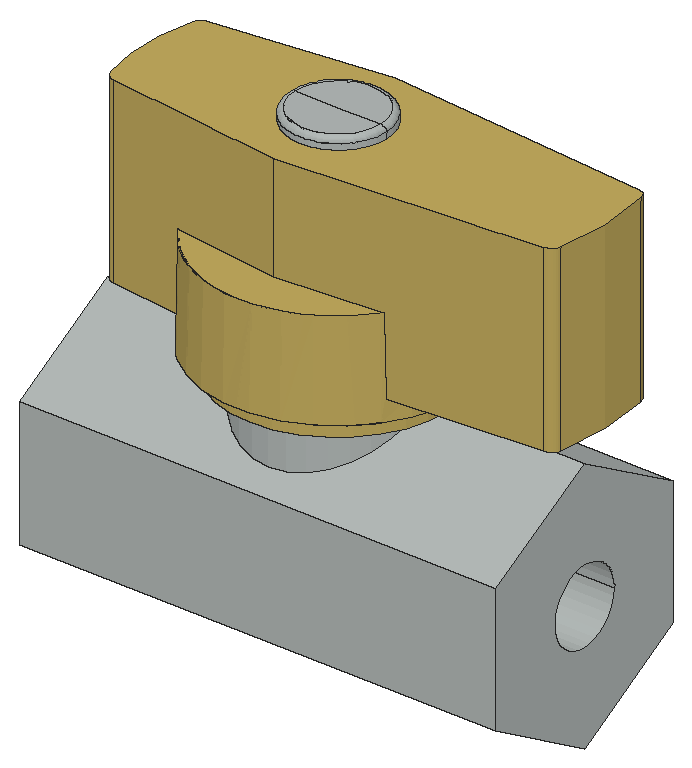
Revit family "QP00020000", category Apparecchi idraulici, Revit 2020
Family settings
  Quota connettore circolare = Usa diametro
  Tipo di parte = Normale
  Numero OmniClass = 23.45.00.00
  Titolo OmniClass = Sanitary, Laundry, and Cleaning Equipment
  Basato su piano di lavoro = No
  Sempre verticale = Sì
  Taglio con vuoti quando caricato = No
  Condiviso = No
  Punto di calcolo locali = No
Parameters
  URL = "https://web.cimberio.com/index.php/figura/837?subcategoria_id=95875"
  Temperatura di esercizio = "-20 ÷ 60°C"
  Prospetto di default = 0 mm
  Produttore = "CIMBERIO SPA"
  Pressione nominale = "MOP 5"
  Modello = "Cim 011G"
  Materiale = "Prodotto in lega di ottone conforme alla norma EN 12165-CW617N-DW"
  Descrizione = "Utilizzato nell’impiantistica distributiva di gas a bassa pressione per le categorie:\r\nGas naturali: gas derivati dal petrolio (Metano) e gas di ricambio.\r\nGas di città: prodotti secondo i diversi procedimenti (Cracking - Cokerie - ecc.).\r\nGas liquidi: propano e miscele di gas propano/butano"
  DN Model [instance] = QP00021008 : QP00021008
  DN [instance] = 7 mm
  Commenti sul tipo = "Realizzato in ottemperanza ai requisiti gestionali della norma EN ISO 9001.\r\nCollaudato al 100% secondo la normativa EN 12266-1"
Reference planes
  plane 1 "Centro (Fronte/Retro)": y = 0
  plane 2: z = 0
  plane 3 "Centro (Sinistra/Destra)": x = 0
Dimensions and locks
  aligned and locked: level to plane 2
Nested families
  nested 1: "QP00021008" at (0, 0, 0), type <- "DN Model", type "QP00021008"
  nested 2: "QP00021008" at (0, 0, 0), type <- "DN Model", type "QP00021008"
  nested 3: "QP00021008" at (0, 0, 0), type <- "DN Model", type "QP00021008"
Connectors
  piping at (22.246, 0, 0), diameter 7, driven by "DN"
    settings: on nested 1, index 1, connector inside diameter 609.6 mm, connector length 0 mm, flow factor 0, pipe flow 0.0 L/s, pressure drop 0.0 Pa, fitting loss kfactor 0, connector angle 0.00°, fixture units 0, engagement length 0 mm, angle of deflection 0.00°, flow configuration 0, flow direction 0, fitting loss method 0, system type 7, joint type 0, gender type 0, connector reference index -1, connector utility 0, adjustable connector no, is connector primary yes, connector description ""
  piping at (-22.254, 0, 0), diameter 7, driven by "DN"
    settings: on nested 1, index 2, connector inside diameter 609.6 mm, connector length 0 mm, flow factor 0, pipe flow 0.0 L/s, pressure drop 0.0 Pa, fitting loss kfactor 0, connector angle 0.00°, fixture units 0, engagement length 0 mm, angle of deflection 0.00°, flow configuration 0, flow direction 0, fitting loss method 0, system type 7, joint type 0, gender type 0, connector reference index -1, connector utility 0, adjustable connector no, is connector primary no, connector description ""
Definition of nested family "QP00021008"
  Parameters (values of type "QP00021008")
    URL = ""
    Default Elevation = 0 mm
    Manufacturer = ""
    Model = ""
    Description = ""
    Type Comments = ""
  Reference planes
    plane 1 "Centro (Fronte/Retro)": y = 0
    plane 2: z = 0
    plane 3 "Centro (Sinistra/Destra)": x = 0
  Forms (mm)
    Extrusion 1, solid
      sketch origin (0, 0, 0) x (0, 1, 0) y (0, 0, 1)
        loop
          circle (0, 0) r 3.5
        loop
          line (0, 11.9) -> (-10.306, 5.95) -> (-10.306, -5.95) -> (0, -11.9) -> (10.306, -5.95) -> (10.306, 5.95) -> (0, 11.9)
      from -22.254 to 22.246
    Revolve 2, solid
      sketch origin (0, 0, 0) x (1, 0, 0) y (0, 0, 1)
        loop
          line (11.146, 13.716) -> (10.988, 22.789) -> (-0.448, 22.789) -> (-0.448, 11.85) -> (9.552, 11.85) -> (9.552, 12.795) -> (11.146, 13.716)
        axis (-0.754, 11.85) -> (-0.754, 22.789)
      angle from 0 to 360
    Revolve 3, solid
      sketch origin (0, 0, 0) x (1, 0, 0) y (0, 0, 1)
        loop
          arc (3.746, 33.15) -> (3.6, 33.504) -> (3.246, 33.65) r 0.5
          line (3.246, 33.65) -> (-0.754, 33.65) -> (-0.754, 31.443) -> (3.746, 31.443) -> (3.746, 33.15)
        axis (-0.754, 33.65) -> (-0.754, 31.443)
      angle from 0 to 360
    Extrusion 4, solid
      sketch origin (0, 0, 0) x (1, 0, 0) y (0, 1, 0)
        loop
          line (-1.379, 7.407) -> (-17.266, 5.483)
          arc (-17.266, 5.483) -> (-17.798, 5.248) -> (-18.11, 4.755) r 1
          arc (-18.11, 4.755) -> (-18.754, -0.059) -> (-18.087, -4.87) r 18
          arc (-18.087, -4.87) -> (-17.774, -5.36) -> (-17.24, -5.593) r 1
          line (-17.24, -5.593) -> (-0.754, -7.517) -> (22.904, -5.517)
          arc (22.904, -5.517) -> (23.489, -5.264) -> (23.802, -4.708) r 1
          arc (23.802, -4.708) -> (24.246, -0.017) -> (23.802, 4.674) r 25
          arc (23.802, 4.674) -> (23.489, 5.229) -> (22.904, 5.483) r 1
          line (22.904, 5.483) -> (-1.379, 7.407)
      from 15.62 to 32.65
    Revolve 5, solid
      sketch origin (0, 0, 0) x (1, 0, 0) y (0, 0, 1)
        loop
          line (-0.754, 4.83) -> (7.416, 4.83) -> (7.416, 16.081) -> (-0.754, 16.081) -> (-0.754, 4.83)
        axis (-0.754, 16.081) -> (-0.754, 4.83)
      angle from 0 to 360
  Cuts and joins
    joined: Revolve 2, Extrusion 4
  Dimensions and locks
    aligned and locked: level to plane 2
